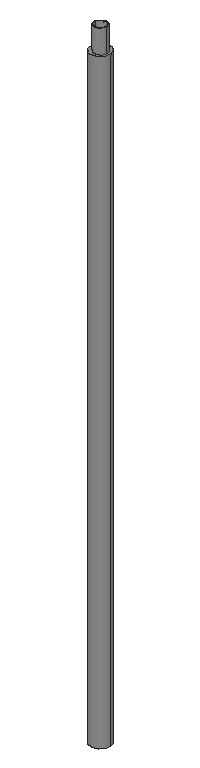
Revit family "FON-CA-O-Micropalo", category Pilastri strutturali, Revit 2021
Family settings
  Forma sezione = Non definito
  Materiale per comportamento modello = Altro
  Esporta sempre come geometria = No
  Taglio trave in pianta = Da riquadro di delimitazione
  Basato su piano di lavoro = No
  Taglio con vuoti quando caricato = No
  Rappresentazione simbolica = Da famiglia
  Condiviso = No
  Mostra pretaglio famiglia in viste di pianta = Sì
Parameters
  Volume Malta = Lunghezza Micropalo * ((3.14 * Diametro Perforazione * Diametro Perforazione) / 4)  # 0.424528 m³
  Volume Acciaio S355 = (Lunghezza Micropalo + Lunghezza Ancoraggio) * (((3.14 * Diametro Armatura * Diametro Armatura) / 4) - ((3.14 * Diametro Interno Armatura * Diametro Interno Armatura) / 4))  # 0.0412561 m³
  Spessore Armatura = (Diametro Armatura - Diametro Interno Armatura) / 2  # 10 mm
  Default Elevation = 0 mm
  Structural Material [instance] = Acciaio S355
  Lunghezza Micropalo = 8000 mm
  Lunghezza Ancoraggio = 300 mm
  Diametro Perforazione = 260 mm
  Diametro Interno Armatura = 148.3 mm
  Diametro Armatura = 168.3 mm
  Calcestruzzo = Malta
  Acciaio S355 = Acciaio S355
Reference planes
  plane 1 "Center (Front/Back)": y = 0
  plane 2: z = 0
  plane 3 "Center (Left/Right)": x = 0
  plane 4: z = -8000
  plane 5: z = 300
Forms (mm)
  Extrusion 1, solid, material "Malta" <- "Calcestruzzo"
    sketch origin (0, 0, 0) x (1, 0, 0) y (0, 1, 0)
      loop
        circle (0, 0) r 130
    from 0 to -8000
  Extrusion 2, solid, material "Acciaio S355" <- "Acciaio S355"
    sketch origin (0, 0, 0) x (1, 0, 0) y (0, 1, 0)
      loop
        circle (0, 0) r 84.15
      loop
        circle (0, 0) r 74.15
    from -8000 to 300
Dimensions and locks
  "Lunghezza Micropalo": level to plane 4
  "Lunghezza Ancoraggio": plane 5 to level
  "Diametro Perforazione": diameter of Extrusion 1 sketch curve
  "Diametro Armatura": diameter of Extrusion 2 sketch curve
  "Diametro Interno Armatura": diameter of Extrusion 2 sketch curve
  aligned and locked: level to plane 2
  aligned and locked: level to Extrusion 1
  aligned and locked: plane 4 to Extrusion 1
  aligned and locked: plane 5 to Extrusion 2
  aligned and locked: plane 4 to Extrusion 2
Automatic sketch dimensions
  plane 1 "Center (Front/Back)" to Extrusion 1 sketch curve = 0 mm
  Extrusion 1 sketch curve to plane 3 "Center (Left/Right)" = 0 mm
  Extrusion 2 sketch curve to Extrusion 2 sketch curve = 0 mm  (x2)
  plane 1 "Center (Front/Back)" to Extrusion 2 sketch curve = 0 mm
  Extrusion 2 sketch curve to plane 3 "Center (Left/Right)" = 0 mm
